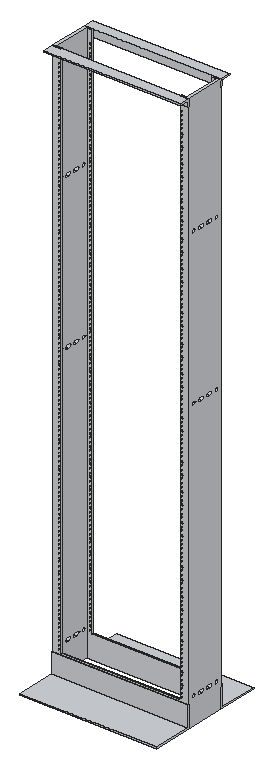
Revit family (continued)
Forms (in)
  Extrusion 46, void
    sketch origin (0, 0, 42) x (1, 0, 0) y (0, 0, 1)
      loop
        line (-9.175, -23.2645) -> (-9.264, -23.2645) -> (-9.264, -23.3535) -> (-9.264, -23.4425) -> (-9.175, -23.4425) -> (-9.086, -23.4425) -> (-9.086, -23.2645) -> (-9.175, -23.2645)
      loop
        line (-9.175, -23.8895) -> (-9.264, -23.8895) -> (-9.264, -23.9785) -> (-9.264, -24.0675) -> (-9.175, -24.0675) -> (-9.086, -24.0675) -> (-9.086, -23.8895) -> (-9.175, -23.8895)
      loop
        line (9.175, -22.6395) -> (9.086, -22.6395) -> (9.086, -22.8175) -> (9.175, -22.8175) -> (9.264, -22.8175) -> (9.264, -22.7285) -> (9.264, -22.6395) -> (9.175, -22.6395)
      loop
        line (9.175, -23.2645) -> (9.086, -23.2645) -> (9.086, -23.4425) -> (9.175, -23.4425) -> (9.264, -23.4425) -> (9.264, -23.3535) -> (9.264, -23.2645) -> (9.175, -23.2645)
      loop
        line (9.175, -23.8895) -> (9.086, -23.8895) -> (9.086, -24.0675) -> (9.175, -24.0675) -> (9.264, -24.0675) -> (9.264, -23.9785) -> (9.264, -23.8895) -> (9.175, -23.8895)
    from 0 to 36
  Extrusion 47, void
    sketch origin (0, 0, 43.75) x (1, 0, 0) y (0, 0, 1)
      loop
        line (-9.175, -22.6395) -> (-9.264, -22.6395) -> (-9.264, -22.7285) -> (-9.264, -22.8175) -> (-9.175, -22.8175) -> (-9.086, -22.8175) -> (-9.086, -22.6395) -> (-9.175, -22.6395)
      loop
        line (-9.175, -23.2645) -> (-9.264, -23.2645) -> (-9.264, -23.3535) -> (-9.264, -23.4425) -> (-9.175, -23.4425) -> (-9.086, -23.4425) -> (-9.086, -23.2645) -> (-9.175, -23.2645)
      loop
        line (-9.175, -23.8895) -> (-9.264, -23.8895) -> (-9.264, -23.9785) -> (-9.264, -24.0675) -> (-9.175, -24.0675) -> (-9.086, -24.0675) -> (-9.086, -23.8895) -> (-9.175, -23.8895)
      loop
        line (9.175, -22.6395) -> (9.086, -22.6395) -> (9.086, -22.8175) -> (9.175, -22.8175) -> (9.264, -22.8175) -> (9.264, -22.7285) -> (9.264, -22.6395) -> (9.175, -22.6395)
      loop
        line (9.175, -23.2645) -> (9.086, -23.2645) -> (9.086, -23.4425) -> (9.175, -23.4425) -> (9.264, -23.4425) -> (9.264, -23.3535) -> (9.264, -23.2645) -> (9.175, -23.2645)
      loop
        line (9.175, -23.8895) -> (9.086, -23.8895) -> (9.086, -24.0675) -> (9.175, -24.0675) -> (9.264, -24.0675) -> (9.264, -23.9785) -> (9.264, -23.8895) -> (9.175, -23.8895)
    from 0 to 36
  Extrusion 48, void
    sketch origin (0, 0, 45.5) x (1, 0, 0) y (0, 0, 1)
      loop
        line (-9.175, -22.6395) -> (-9.264, -22.6395) -> (-9.264, -22.7285) -> (-9.264, -22.8175) -> (-9.175, -22.8175) -> (-9.086, -22.8175) -> (-9.086, -22.6395) -> (-9.175, -22.6395)
      loop
        line (-9.175, -23.2645) -> (-9.264, -23.2645) -> (-9.264, -23.3535) -> (-9.264, -23.4425) -> (-9.175, -23.4425) -> (-9.086, -23.4425) -> (-9.086, -23.2645) -> (-9.175, -23.2645)
      loop
        line (-9.175, -23.8895) -> (-9.264, -23.8895) -> (-9.264, -23.9785) -> (-9.264, -24.0675) -> (-9.175, -24.0675) -> (-9.086, -24.0675) -> (-9.086, -23.8895) -> (-9.175, -23.8895)
      loop
        line (9.175, -22.6395) -> (9.086, -22.6395) -> (9.086, -22.8175) -> (9.175, -22.8175) -> (9.264, -22.8175) -> (9.264, -22.7285) -> (9.264, -22.6395) -> (9.175, -22.6395)
      loop
        line (9.175, -23.2645) -> (9.086, -23.2645) -> (9.086, -23.4425) -> (9.175, -23.4425) -> (9.264, -23.4425) -> (9.264, -23.3535) -> (9.264, -23.2645) -> (9.175, -23.2645)
      loop
        line (9.175, -23.8895) -> (9.086, -23.8895) -> (9.086, -24.0675) -> (9.175, -24.0675) -> (9.264, -24.0675) -> (9.264, -23.9785) -> (9.264, -23.8895) -> (9.175, -23.8895)
    from 0 to 36
  Extrusion 49, void
    sketch origin (0, 0, 47.25) x (1, 0, 0) y (0, 0, 1)
      loop
        line (-9.175, -22.6395) -> (-9.264, -22.6395) -> (-9.264, -22.7285) -> (-9.264, -22.8175) -> (-9.175, -22.8175) -> (-9.086, -22.8175) -> (-9.086, -22.6395) -> (-9.175, -22.6395)
      loop
        line (-9.175, -23.2645) -> (-9.264, -23.2645) -> (-9.264, -23.3535) -> (-9.264, -23.4425) -> (-9.175, -23.4425) -> (-9.086, -23.4425) -> (-9.086, -23.2645) -> (-9.175, -23.2645)
      loop
        line (-9.175, -23.8895) -> (-9.264, -23.8895) -> (-9.264, -23.9785) -> (-9.264, -24.0675) -> (-9.175, -24.0675) -> (-9.086, -24.0675) -> (-9.086, -23.8895) -> (-9.175, -23.8895)
      loop
        line (9.175, -22.6395) -> (9.086, -22.6395) -> (9.086, -22.8175) -> (9.175, -22.8175) -> (9.264, -22.8175) -> (9.264, -22.7285) -> (9.264, -22.6395) -> (9.175, -22.6395)
      loop
        line (9.175, -23.2645) -> (9.086, -23.2645) -> (9.086, -23.4425) -> (9.175, -23.4425) -> (9.264, -23.4425) -> (9.264, -23.3535) -> (9.264, -23.2645) -> (9.175, -23.2645)
      loop
        line (9.175, -23.8895) -> (9.086, -23.8895) -> (9.086, -24.0675) -> (9.175, -24.0675) -> (9.264, -24.0675) -> (9.264, -23.9785) -> (9.264, -23.8895) -> (9.175, -23.8895)
    from 0 to 36
  Extrusion 50, void
    sketch origin (0, 0, 49) x (1, 0, 0) y (0, 0, 1)
      loop
        line (-9.175, -22.6395) -> (-9.264, -22.6395) -> (-9.264, -22.7285) -> (-9.264, -22.8175) -> (-9.175, -22.8175) -> (-9.086, -22.8175) -> (-9.086, -22.6395) -> (-9.175, -22.6395)
      loop
        line (-9.175, -23.2645) -> (-9.264, -23.2645) -> (-9.264, -23.3535) -> (-9.264, -23.4425) -> (-9.175, -23.4425) -> (-9.086, -23.4425) -> (-9.086, -23.2645) -> (-9.175, -23.2645)
      loop
        line (-9.175, -23.8895) -> (-9.264, -23.8895) -> (-9.264, -23.9785) -> (-9.264, -24.0675) -> (-9.175, -24.0675) -> (-9.086, -24.0675) -> (-9.086, -23.8895) -> (-9.175, -23.8895)
      loop
        line (9.175, -22.6395) -> (9.086, -22.6395) -> (9.086, -22.8175) -> (9.175, -22.8175) -> (9.264, -22.8175) -> (9.264, -22.7285) -> (9.264, -22.6395) -> (9.175, -22.6395)
      loop
        line (9.175, -23.2645) -> (9.086, -23.2645) -> (9.086, -23.4425) -> (9.175, -23.4425) -> (9.264, -23.4425) -> (9.264, -23.3535) -> (9.264, -23.2645) -> (9.175, -23.2645)
      loop
        line (9.175, -23.8895) -> (9.086, -23.8895) -> (9.086, -24.0675) -> (9.175, -24.0675) -> (9.264, -24.0675) -> (9.264, -23.9785) -> (9.264, -23.8895) -> (9.175, -23.8895)
    from 0 to 36
  Extrusion 51, void
    sketch origin (0, 0, 50.75) x (1, 0, 0) y (0, 0, 1)
      loop
        line (-9.175, -22.6395) -> (-9.264, -22.6395) -> (-9.264, -22.7285) -> (-9.264, -22.8175) -> (-9.175, -22.8175) -> (-9.086, -22.8175) -> (-9.086, -22.6395) -> (-9.175, -22.6395)
      loop
        line (-9.175, -23.2645) -> (-9.264, -23.2645) -> (-9.264, -23.3535) -> (-9.264, -23.4425) -> (-9.175, -23.4425) -> (-9.086, -23.4425) -> (-9.086, -23.2645) -> (-9.175, -23.2645)
      loop
        line (-9.175, -23.8895) -> (-9.264, -23.8895) -> (-9.264, -23.9785) -> (-9.264, -24.0675) -> (-9.175, -24.0675) -> (-9.086, -24.0675) -> (-9.086, -23.8895) -> (-9.175, -23.8895)
      loop
        line (9.175, -22.6395) -> (9.086, -22.6395) -> (9.086, -22.8175) -> (9.175, -22.8175) -> (9.264, -22.8175) -> (9.264, -22.7285) -> (9.264, -22.6395) -> (9.175, -22.6395)
      loop
        line (9.175, -23.2645) -> (9.086, -23.2645) -> (9.086, -23.4425) -> (9.175, -23.4425) -> (9.264, -23.4425) -> (9.264, -23.3535) -> (9.264, -23.2645) -> (9.175, -23.2645)
      loop
        line (9.175, -23.8895) -> (9.086, -23.8895) -> (9.086, -24.0675) -> (9.175, -24.0675) -> (9.264, -24.0675) -> (9.264, -23.9785) -> (9.264, -23.8895) -> (9.175, -23.8895)
    from 0 to 36
Cuts and joins
  Extrusion 3, Extrusion 4, Extrusion 6, Extrusion 7, Extrusion 8, Extrusion 9, Extrusion 10, Extrusion 11, Extrusion 12, Extrusion 13, Extrusion 14, Extrusion 15, Extrusion 16, Extrusion 17, Extrusion 18, Extrusion 19, Extrusion 20, Extrusion 21, Extrusion 22, Extrusion 23, Extrusion 24, Extrusion 25, Extrusion 26, Extrusion 27, Extrusion 28, Extrusion 29, Extrusion 30, Extrusion 31, Extrusion 32, Extrusion 33, Extrusion 34, Extrusion 35, Extrusion 36, Extrusion 37, Extrusion 38, Extrusion 39, Extrusion 40, Extrusion 41, Extrusion 42, Extrusion 43, Extrusion 44, Extrusion 45, Extrusion 46, Extrusion 47, Extrusion 48, Extrusion 49, Extrusion 50, Extrusion 51 cuts Extrusion 2
  Extrusion 6, Extrusion 7, Extrusion 8, Extrusion 9, Extrusion 10, Extrusion 11, Extrusion 12, Extrusion 13, Extrusion 14, Extrusion 15, Extrusion 16, Extrusion 17, Extrusion 18, Extrusion 19, Extrusion 20, Extrusion 21, Extrusion 22, Extrusion 23, Extrusion 24, Extrusion 25, Extrusion 26, Extrusion 27, Extrusion 28, Extrusion 29, Extrusion 30, Extrusion 31, Extrusion 32, Extrusion 33, Extrusion 34, Extrusion 35, Extrusion 36, Extrusion 37, Extrusion 38, Extrusion 39, Extrusion 40, Extrusion 41, Extrusion 42, Extrusion 43, Extrusion 44, Extrusion 45, Extrusion 46, Extrusion 47, Extrusion 48, Extrusion 49, Extrusion 50, Extrusion 51 cuts Extrusion 5
Dimensions and locks (in)
  equal spacing: group 2, group 3, group 4, group 5, group 6, group 7, group 8, group 9, group 10, group 11, group 12, group 13, group 14, group 15, group 16, group 17, group 18, group 19, group 20, group 21, group 22, group 23, group 24, group 25, group 26, group 27, group 28, group 29, group 30, group 31, group 32, group 33, group 34, group 35, group 36, group 37, group 38, group 39, group 40, group 41, group 42, group 43, group 44, group 45, group 46  (x3)
